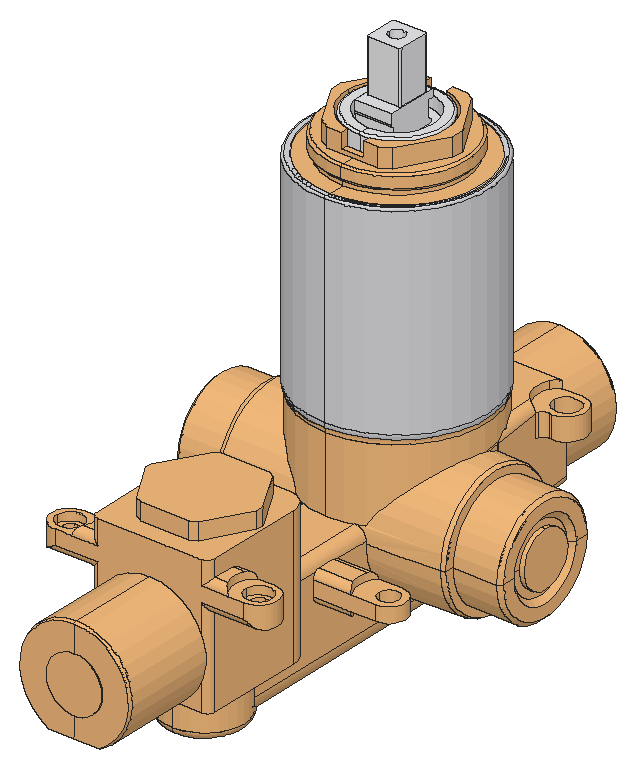
Revit family "Shower-Valve-KOHLER-NATEO-K-880AR", category Plumbing Fixtures, host Face, Revit 2017
Family settings
  Host = Face
  Round Connector Dimension = Use Diameter
  Part Type = Normal
  OmniClass Number = 23.31.17.00
  Cut with Voids When Loaded = No
  Shared = No
  Room Calculation Point = No
Parameters (values of type "CP- Polished Chrome")
  Width = 3 119/256"  # constant formula
  WaterSense Certified = 1 = 0  # no
  Waste Water Outlet = "Waste Water Outlet"  # constant formula
  Waste Connection = 1 = 0  # no
  Vent Connection = 1 = 0  # no
  URL = "https://la.kohler.com/es?country=MX"
  Type = 1
  Tempered watet outlet 1 = "Tempered watet outlet 1"  # constant formula
  Tempered water outlet 2 = "Tempered water outlet 2"  # constant formula
  Product Page URL = ""
  Product Name = "NATEO\r\n"  # constant formula
  Product Documentation Link = ""
  Pressure = 0.00 psi
  Model = if(Type = 1, "K-880AR-CP", "NA")  # "K-880AR-CP"
  Material = "Metal construction"  # constant formula
  Master Format 2014 Name = "Residential Showers"  # constant formula
  Master Format 2014 = "22 42 23"  # constant formula
  Manufacturer Address = "KOHLER Co.\n444 Highland Dr.\nKohler, WI 53044"  # constant formula
  Manufacturer = "KOHLER Co."  # constant formula
  Length = 5 3/8"  # constant formula
  Hot Water Inlet = "Hot Water Inlet"  # constant formula
  Height = 6 127/256"  # constant formula
  HW Connection = 1 = 1  # yes
  Flow Rate = 0 GPM
  Finish = Kohler-Metal-CP-Polished_Chrome
  Environmental Product Declaration = ""
  Drain Included = 1 = 0  # no
  Description = "Recessed Shower Valve System"  # constant formula
  Default Elevation = 48 1/32"
  Declare Label = ""
  Date Modified = "08/06/2020"  # constant formula
  Date Created = "08/06/2020"  # constant formula
  Copyright = "Copyright KOHLER Co."  # constant formula
  Contact Us = "https://la.kohler.com/es/contact-us-page"
  Cold Water Inlet = "Cold Water Inlet"  # constant formula
  CW Connection = 1 = 1  # yes
  Assembly Code = "D2010700"
  ADA Compliant = 1 = 0  # no
Reference planes (in)
  plane 1 "Center (Front/Back)": y = 0
  plane 2: z = 0
  plane 3 "Center (Left/Right)": x = 0
  plane 4: y = 2.20472
  plane 5: x = -1.73242
  plane 6: x = 1.73242
  plane 7: y = -2.55906
  plane 8: y = -4.29137
  plane 9: z = -2.46017
  plane 10: z = 2.87506
  plane 11: z = -1.43655
  plane 12: z = -2.49994
  plane 13: y = -0.19685
Forms (in)
  Extrusion 1, void
    sketch origin (0, 0, 0) x (0, 1, 0) y (0, 0, 1)
      loop
        line (2.20472, -0.49213) -> (-4.29137, -0.49213) -> (-4.29137, -2.5) -> (2.20472, -2.5) -> (2.20472, -0.49213)
    from -1.73228 to 1.73228
  Revolve 2, void
    sketch origin (0, 0, 0) x (1, 0, 0) y (0, 0, 1)
      loop
        line (0, 0.99418) -> (-0.96471, 0.99418) -> (-0.96471, -0.50899) -> (0, -0.50899) -> (0, 0.99418)
      axis (0, 0.99418) -> (0, -0.50899)
    angle from 0 to 360
  Extrusion 3, void
    sketch origin (0, 0, 0) x (1, 0, 0) y (0, 1, 0)
      loop
        line (0.32773, -3.05023) -> (0.58917, -2.5974)
        arc (0.58917, -2.5974) -> (0.59045, -2.55906) -> (0.58917, -2.52071) r 0.57429
        line (0.58917, -2.52071) -> (0.32773, -2.06788)
        arc (0.32773, -2.06788) -> (0.29315, -2.04658) -> (0.25728, -2.02756) r 0.6267
        line (0.25728, -2.02756) -> (-0.25755, -2.02756)
        arc (-0.25755, -2.02756) -> (-0.29343, -2.04658) -> (-0.328, -2.06788) r 0.6267
        line (-0.328, -2.06788) -> (-0.58944, -2.52071)
        arc (-0.58944, -2.52071) -> (-0.59072, -2.55906) -> (-0.58944, -2.5974) r 0.57429
        line (-0.58944, -2.5974) -> (-0.328, -3.05023)
        arc (-0.328, -3.05023) -> (-0.29358, -3.07179) -> (-0.25755, -3.09055) r 0.51277
        line (-0.25755, -3.09055) -> (0.25728, -3.09055)
        arc (0.25728, -3.09055) -> (0.2933, -3.07179) -> (0.32773, -3.05023) r 0.51277
    from -0.49213 to -0.1694
  Extrusion 4, void
    sketch origin (0, 0, 0) x (1, 0, 0) y (0, 1, 0)
      loop
        circle (-0.0012, 0.00049) r 0.97272
    from -0.49314 to 12
Dimensions and locks (in)
  host face to Extrusion 1 sketch curve = 2 1/2"
  "Height": plane 8 to plane 4
  equal spacing: plane 5, plane 3 "Center (Left/Right)", plane 6
  "Width": plane 5 to plane 6
  locked: plane 11 to plane 9 at 1.02362
  locked: level to plane 12 at 2.49994
  "Length": plane 10 to plane 12
  locked: plane 1 "Center (Front/Back)" to plane 7 at 2.55906
  aligned and locked: plane 2 to host face
  aligned and locked: level to host face
  aligned and locked: plane 4 to nested 1
  aligned and locked: plane 5 to nested 1
  aligned and locked: plane 6 to nested 1
  aligned and locked: plane 7 to nested 1
  aligned and locked: plane 8 to nested 1
  aligned and locked: plane 9 to nested 1
  aligned and locked: plane 10 to nested 1
  aligned and locked: plane 11 to nested 1
  aligned and locked: plane 12 to nested 1
Automatic sketch dimensions
  host sketch curve to host sketch curve = 96"  (x2)
  Extrusion 1 sketch curve to plane 8 = 0"
  Extrusion 1 sketch curve to plane 4 = 0"
  Extrusion 1 sketch curve to level = 0.49213"
  Revolve 2 sketch curve to plane 3 "Center (Left/Right)" = 0"  (x2)
  Revolve 2 sketch curve to plane 5 = 0.76771"
  Revolve 2 sketch curve to level = 0.50899"
  level to Revolve 2 sketch curve = 0.99418"
  Revolve 2 sketch curve to Revolve 2 sketch curve = 0.24418"
  Revolve 2 sketch curve to Revolve 2 sketch curve = 2.25582"
  plane 7 to Extrusion 3 sketch curve = 0"  (x2)
  Extrusion 3 sketch curve to plane 7 = 0.03835"  (x2)
  Extrusion 3 sketch curve to plane 3 "Center (Left/Right)" = 0.58944"
  plane 7 to Extrusion 3 sketch curve = 0.03835"  (x2)
  Extrusion 3 sketch curve to plane 3 "Center (Left/Right)" = 0.328"  (x2)
  Extrusion 3 sketch curve to Extrusion 3 sketch curve = 0.07045"  (x4)
  Extrusion 3 sketch curve to plane 3 "Center (Left/Right)" = 0.03888"
  Extrusion 3 sketch curve to plane 3 "Center (Left/Right)" = 0.01814"
  Extrusion 3 sketch curve to plane 3 "Center (Left/Right)" = 0.01643"
  plane 3 "Center (Left/Right)" to Extrusion 3 sketch curve = 0.01616"
  plane 3 "Center (Left/Right)" to Extrusion 3 sketch curve = 0.01786"
  plane 3 "Center (Left/Right)" to Extrusion 3 sketch curve = 0.0386"
  plane 3 "Center (Left/Right)" to Extrusion 3 sketch curve = 0.25728"  (x2)
  Extrusion 3 sketch curve to Extrusion 3 sketch curve = 0.26144"
  plane 7 to Extrusion 3 sketch curve = 0.06769"  (x2)
  plane 7 to Extrusion 3 sketch curve = 0.49118"
  plane 7 to Extrusion 3 sketch curve = 0.03145"  (x2)
  Extrusion 3 sketch curve to plane 7 = 0.49118"
  Extrusion 4 sketch curve to plane 1 "Center (Front/Back)" = 0.00049"
  Extrusion 4 sketch curve to plane 3 "Center (Left/Right)" = 0.0012"
  radius of Extrusion 4 sketch curve = 0.97272"
Nested families (in)
  nested 1: "K-880AR" at (-0.00014, -4.29134, -1.43655) x (1, 0, 0) z (0, 1, 0), type "K-880AR"
Connectors (in)
  piping at (-0.00014, -4.29134, -1.43655), diameter 0.5, driven by "Flow Rate", driven by "HW Connection", driven by "Tempered water outlet 2"
    settings: on nested 1, index 2, connector inside diameter 24", connector length 0", flow factor 0, pipe flow 0 GPM, pressure drop 0.00 psi, fitting loss kfactor 0, connector angle 0.00°, fixture units 0, engagement length 0", angle of deflection 0.00°, flow configuration 0, flow direction 2, fitting loss method 0, system type 19, joint type 0, gender type 0, connector reference index -1, connector utility 1, adjustable connector no, is connector primary yes, connector description "Tempered water outlet 2"
  piping at (-0.00014, 2.20472, -1.43655), diameter 0.5, driven by "Flow Rate", driven by "Tempered watet outlet 1", driven by "HW Connection"
    settings: on nested 1, index 3, connector inside diameter 24", connector length 0", flow factor 0, pipe flow 0 GPM, pressure drop 0.00 psi, fitting loss kfactor 0, connector angle 0.00°, fixture units 0, engagement length 0", angle of deflection 0.00°, flow configuration 0, flow direction 2, fitting loss method 0, system type 19, joint type 0, gender type 0, connector reference index -1, connector utility 1, adjustable connector no, is connector primary no, connector description "Tempered watet outlet 1"
  piping at (-1.73242, -0.18526, -1.43655), diameter 0.5, driven by "Flow Rate", driven by "HW Connection", driven by "Hot Water Inlet"
    settings: on nested 1, index 4, connector inside diameter 24", connector length 0", flow factor 0, pipe flow 0 GPM, pressure drop 0.00 psi, fitting loss kfactor 0, connector angle 0.00°, fixture units 0, engagement length 0", angle of deflection 0.00°, flow configuration 0, flow direction 1, fitting loss method 0, system type 19, joint type 0, gender type 0, connector reference index -1, connector utility 1, adjustable connector no, is connector primary no, connector description "Hot Water Inlet"
  piping at (1.73215, -0.18526, -1.43655), diameter 0.5, driven by "Flow Rate", driven by "CW Connection", driven by "Cold Water Inlet"
    settings: on nested 1, index 5, connector inside diameter 24", connector length 0", flow factor 0, pipe flow 0 GPM, pressure drop 0.00 psi, fitting loss kfactor 0, connector angle 0.00°, fixture units 0, engagement length 0", angle of deflection 0.00°, flow configuration 0, flow direction 1, fitting loss method 0, system type 20, joint type 0, gender type 0, connector reference index -1, connector utility 1, adjustable connector no, is connector primary no, connector description "Cold Water Inlet"
Definition of nested family "K-880AR"
  Parameters (values of type "K-880AR")
    Material = none
    Default Elevation = 48"
  Reference planes (in)
    plane 1 "Center (Front/Back)": y = 0
    plane 2: z = 0
    plane 3 "Center (Left/Right)": x = 0
    plane 4: z = 6.49606
    plane 5: x = 1.73228
    plane 6: x = -1.73228
    plane 7: y = 1.02362
    plane 8 "2": z = 4.29134
    plane 9: z = 1.73228
    plane 10: z = 1.73228
    plane 11: y = -4.31057
    plane 12: z = 0
    plane 13: y = 1.06339
    plane 14: z = 4.09449
  Forms (in)
    Revolve 1, solid, detail levels medium+fine
      sketch origin (0, 0, 0) x (0, 1, 0) y (0, 0, 1)
        loop
          line (0, 6.43701) -> (-0.3588, 6.43701) -> (-0.41785, 6.49606) -> (-0.55549, 6.49606) -> (-0.59055, 6.461) -> (-0.59055, 5.55118) -> (-0.63166, 5.55118) -> (-0.63166, 3.67118) -> (0, 3.67118) -> (0, 6.43701)
        axis (0, 6.49606) -> (0, 3.67118)
      angle from 0 to 360
    Revolve 2, solid, material <- "Material", detail levels medium+fine
      sketch origin (0, 0, 0) x (0, 1, 0) y (0, 0, 1)
        loop
          line (-3.11447, 4.29134) -> (-0.98258, 4.29134) -> (-0.98258, 5.24601)
          arc (-0.98258, 5.24601) -> (-1.00849, 5.25341) -> (-1.03532, 5.25591) r 0.14554
          line (-1.03532, 5.25591) -> (-3.16592, 5.25591)
          arc (-3.16592, 5.25591) -> (-3.1819, 5.24929) -> (-3.18852, 5.23331) r 0.0226
          line (-3.18852, 5.23331) -> (-3.18852, 5.18682) -> (-3.11447, 5.18682) -> (-3.11447, 4.29134)
        axis (-3.18852, 4.29134) -> (-0.98258, 4.29134)
      angle from 0 to 360
    Extrusion 3, solid, detail levels medium+fine
      sketch origin (0, 0, 0) x (1, 0, 0) y (0, 0, 1)
        loop
          arc (0.64674, 4.23043) -> (0.64964, 4.29134) -> (0.64674, 4.35225) r 0.64125
          line (0.64674, 4.35225) -> (0.37612, 4.82098)
          arc (0.37612, 4.82098) -> (0.3248, 4.85392) -> (0.27062, 4.88189) r 0.64924
          line (0.27062, 4.88189) -> (-0.27062, 4.88189)
          arc (-0.27062, 4.88189) -> (-0.3248, 4.85392) -> (-0.37612, 4.82098) r 0.64924
          line (-0.37612, 4.82098) -> (-0.64674, 4.35225)
          arc (-0.64674, 4.35225) -> (-0.64964, 4.29134) -> (-0.64674, 4.23043) r 0.64125
          line (-0.64674, 4.23043) -> (-0.37612, 3.7617)
          arc (-0.37612, 3.7617) -> (-0.32479, 3.72878) -> (-0.27062, 3.70079) r 0.65421
          line (-0.27062, 3.70079) -> (0.27062, 3.70079)
          arc (0.27062, 3.70079) -> (0.32479, 3.72878) -> (0.37612, 3.7617) r 0.65421
          line (0.37612, 3.7617) -> (0.64674, 4.23043)
        loop
          circle (0, 4.29134) r 0.52877
      from 3.37521 to 3.59403
    Extrusion 4, void, detail levels medium+fine
      sketch origin (0, 0, 0) x (1, 0, 0) y (0, 0, 1)
        loop
          line (-0.11811, 4.91623) -> (-0.11811, 4.79455)
          arc (-0.11811, 4.79455) -> (0, 4.80942) -> (0.11811, 4.79455) r 0.47636
          line (0.11811, 4.79455) -> (0.11811, 4.91623) -> (-0.11811, 4.91623)
        loop
          line (-0.11811, 3.66645) -> (0.11811, 3.66645) -> (0.11811, 3.78813)
          arc (0.11811, 3.78813) -> (0, 3.77326) -> (-0.11811, 3.78813) r 0.47636
          line (-0.11811, 3.78813) -> (-0.11811, 3.66645)
      from 3.43655 to 3.85598
    Extrusion 5, solid, detail levels medium+fine
      sketch origin (0, 0, 0) x (0, 1, 0) y (0, 0, 1)
        loop
          line (-3.52753, 4.45669) -> (-3.68065, 4.45669) -> (-3.68065, 4.50007)
          arc (-3.68065, 4.50007) -> (-3.68639, 4.51394) -> (-3.70026, 4.51969) r 0.01962
          line (-3.70026, 4.51969) -> (-3.75939, 4.51969) -> (-3.75939, 3.97244) -> (-3.65112, 3.97244)
          arc (-3.65112, 3.97244) -> (-3.63574, 3.97964) -> (-3.63143, 3.99606) r 0.02001
          line (-3.63143, 3.99606) -> (-3.44192, 3.99606) -> (-3.44192, 4.49507) -> (-3.48339, 4.49507) -> (-3.52753, 4.45669)
      from -0.19685 to 0.19685
    Extrusion 6, solid, detail levels medium+fine
      sketch origin (0, 0, 0) x (1, 0, 0) y (0, 0, 1)
        loop
          arc (0.17717, 4.44882) -> (0.1714, 4.46274) -> (0.15748, 4.4685) r 0.01969
          line (0.15748, 4.4685) -> (-0.15718, 4.4685)
          arc (-0.15718, 4.4685) -> (-0.17131, 4.46265) -> (-0.17717, 4.44852) r 0.01999
          line (-0.17717, 4.44852) -> (-0.17717, 4.13386)
          arc (-0.17717, 4.13386) -> (-0.1714, 4.11994) -> (-0.15748, 4.11417) r 0.01969
          line (-0.15748, 4.11417) -> (0.15748, 4.11417)
          arc (0.15748, 4.11417) -> (0.1714, 4.11994) -> (0.17717, 4.13386) r 0.01969
          line (0.17717, 4.13386) -> (0.17717, 4.44882)
      from 3.75939 to 4.31057
    Revolve 7, solid, detail levels medium+fine
      sketch origin (0, 0, 0) x (1, 0, 0) y (0, 0, 1)
        loop
          line (-1.67323, 4.09449) -> (1.67323, 4.09449) -> (1.67323, 4.45374) -> (1.73228, 4.5128) -> (1.73228, 4.64564) -> (1.69289, 4.68504) -> (1.22047, 4.68504) -> (1.22047, 4.76876)
          arc (1.22047, 4.76876) -> (1.19905, 4.78049) -> (1.17511, 4.78528) r 0.08072
          arc (1.17511, 4.78528) -> (0.00002, 4.81196) -> (-1.17507, 4.78528) r 25.88884
          arc (-1.17507, 4.78528) -> (-1.19901, 4.78054) -> (-1.22047, 4.76894) r 0.08163
          line (-1.22047, 4.76894) -> (-1.22047, 4.68505) -> (-1.69288, 4.68505) -> (-1.73228, 4.64564) -> (-1.73228, 4.5128) -> (-1.67323, 4.45374) -> (-1.67323, 4.09449)
        axis (1.73228, 4.09449) -> (-1.73228, 4.09449)
      angle from 0 to 360
    Extrusion 8, solid, detail levels medium+fine
      sketch origin (0, 0, 0) x (1, 0, 0) y (0, 1, 0)
        loop
          arc (-0.19685, 1.02362) -> (-0.33604, 0.96597) -> (-0.3937, 0.82677) r 0.19685
          line (-0.3937, 0.82677) -> (-0.3937, -0.01923)
          arc (-0.3937, -0.01923) -> (-0.35911, -0.10275) -> (-0.27559, -0.13734) r 0.11811
          line (-0.27559, -0.13734) -> (0.27559, -0.13734)
          arc (0.27559, -0.13734) -> (0.35911, -0.10275) -> (0.3937, -0.01923) r 0.11811
          line (0.3937, -0.01923) -> (0.3937, 0.82677)
          arc (0.3937, 0.82677) -> (0.33604, 0.96597) -> (0.19685, 1.02362) r 0.19685
          line (0.19685, 1.02362) -> (-0.19685, 1.02362)
      from 1.77559 to 5.55118
    Extrusion 9, void
      sketch origin (0, 0, 0) x (0, 1, 0) y (0, 0, 1)
        loop
          arc (0.62992, 5.55118) -> (0.90831, 5.43587) -> (1.02362, 5.15748) r 0.3937
          line (1.02362, 5.15748) -> (1.02362, 5.55118) -> (0.62992, 5.55118)
      from -2.00851 to 3.20253
    SweptBlend 10, solid, detail levels medium+fine
      path origin (0, 0, 0) x (1, 0, 0) y (0, 0, 1)
        loop
          line (0, 5.49213) -> (0, 4.31102)
      profile origin (0, 0, 5.49213) x (0, -1, 0) y (1, 0, 0)
        loop
          arc (0.68852, -0.83632) -> (0.7442, -0.81326) -> (0.76726, -0.75758) r 0.07874
          line (0.76726, -0.75758) -> (0.76726, 0.75758)
          arc (0.76726, 0.75758) -> (0.7442, 0.81326) -> (0.68852, 0.83632) r 0.07874
          line (0.68852, 0.83632) -> (-0.13854, 0.83632)
          arc (-0.13854, 0.83632) -> (-0.19401, 0.81334) -> (-0.21699, 0.75787) r 0.07845
          line (-0.21699, 0.75787) -> (-0.21699, 0.64422)
          arc (-0.21699, 0.64422) -> (-0.23124, 0.59283) -> (-0.26992, 0.55612) r 0.09977
          line (-0.26992, 0.55612) -> (-0.26992, -0.55612)
          arc (-0.26992, -0.55612) -> (-0.23124, -0.59283) -> (-0.21699, -0.64422) r 0.09977
          line (-0.21699, -0.64422) -> (-0.21699, -0.75787)
          arc (-0.21699, -0.75787) -> (-0.19401, -0.81334) -> (-0.13854, -0.83632) r 0.07845
          line (-0.13854, -0.83632) -> (0.68852, -0.83632)
      end profile origin (0, 0, 4.31102) x (0, -1, 0) y (1, 0, 0)
        loop
          arc (0.64915, -0.94488) -> (0.73267, -0.91029) -> (0.76726, -0.82677) r 0.11811
          line (0.76726, -0.82677) -> (0.76726, 0.82677)
          arc (0.76726, 0.82677) -> (0.73267, 0.91029) -> (0.64915, 0.94488) r 0.11811
          line (0.64915, 0.94488) -> (-0.13825, 0.94488)
          arc (-0.13825, 0.94488) -> (-0.19393, 0.92182) -> (-0.21699, 0.86614) r 0.07874
          line (-0.21699, 0.86614) -> (-0.21699, 0.64422)
          arc (-0.21699, 0.64422) -> (-0.23118, 0.59305) -> (-0.2697, 0.5565) r 0.09934
          line (-0.2697, 0.5565) -> (-0.2697, 0) -> (-0.2697, -0.5565)
          arc (-0.2697, -0.5565) -> (-0.23118, -0.59305) -> (-0.21699, -0.64422) r 0.09934
          line (-0.21699, -0.64422) -> (-0.21699, -0.86614)
          arc (-0.21699, -0.86614) -> (-0.19393, -0.92182) -> (-0.13825, -0.94488) r 0.07874
          line (-0.13825, -0.94488) -> (0.64915, -0.94488)
    Extrusion 11, solid, detail levels medium+fine
      sketch origin (0, 0, 0) x (1, 0, 0) y (0, 0, 1)
        loop
          line (-0.68969, 5.49213) -> (-1.00394, 5.49213)
          arc (-1.00394, 5.49213) -> (-1.20079, 5.29528) -> (-1.00394, 5.09843) r 0.19685
          line (-1.00394, 5.09843) -> (-0.96554, 5.09843)
          arc (-0.96554, 5.09843) -> (-0.92359, 5.08637) -> (-0.89445, 5.05388) r 0.079
          arc (-0.89445, 5.05388) -> (-0.87191, 5.02875) -> (-0.83947, 5.01943) r 0.06109
          line (-0.83947, 5.01943) -> (-0.68969, 5.01943) -> (-0.68969, 5.49213)
        loop
          line (0.68969, 5.49213) -> (0.68969, 5.01943) -> (0.83994, 5.01943)
          arc (0.83994, 5.01943) -> (0.87143, 5.02573) -> (0.89263, 5.04984) r 0.05013
          arc (0.89263, 5.04984) -> (0.92173, 5.08517) -> (0.96554, 5.09843) r 0.079
          line (0.96554, 5.09843) -> (1.00394, 5.09843)
          arc (1.00394, 5.09843) -> (1.20079, 5.29528) -> (1.00394, 5.49213) r 0.19685
          line (1.00394, 5.49213) -> (0.68969, 5.49213)
        loop
          circle (-1.00394, 5.29528) r 0.08225
        loop
          circle (1.00394, 5.29528) r 0.08225
      from 0.4523 to 0.68852
    Extrusion 12, void, detail levels medium+fine
      sketch origin (0, 0, 0) x (1, 0, 0) y (0, 0, 1)
        loop
          arc (-0.71601, 5.41339) -> (-0.77351, 5.48258) -> (-0.86011, 5.50696) r 0.15146
          line (-0.86011, 5.50696) -> (-0.91287, 5.05121)
          arc (-0.91287, 5.05121) -> (-0.86223, 5.03378) -> (-0.81159, 5.05121) r 0.08228
          arc (-0.81159, 5.05121) -> (-0.7028, 5.2162) -> (-0.71601, 5.41339) r 0.30956
      from 0.68852 to 0.82632
    Extrusion 13, void, detail levels medium+fine
      sketch origin (0, 0, 0) x (-1, 0, 0) y (0, 0, -1)
        loop
          arc (-0.71601, -5.41339) -> (-0.7028, -5.2162) -> (-0.81159, -5.05121) r 0.30956
          arc (-0.81159, -5.05121) -> (-0.85275, -5.03433) -> (-0.89669, -5.04135) r 0.08228
          line (-0.89669, -5.04135) -> (-0.84285, -5.50645)
          arc (-0.84285, -5.50645) -> (-0.7664, -5.47767) -> (-0.71601, -5.41339) r 0.15146
      from 0.68852 to 0.82632
    Extrusion 14, void, detail levels medium+fine
      sketch origin (0, 0, 0) x (-1, 0, 0) y (0, 0, -1)
        loop
          circle (1.00362, -5.29501) r 0.14173
      from 0.5315 to 1.83025
    Extrusion 15, void, detail levels medium+fine
      sketch origin (0, 0, 0) x (1, 0, 0) y (0, 0, 1)
        loop
          circle (1.00362, 5.29501) r 0.14173
      from 0.5315 to 1.83025
    Extrusion 16, solid, detail levels medium+fine
      sketch origin (0, 0, 0) x (1, 0, 0) y (0, 0, 1)
        loop
          line (0.39349, 2.36221) -> (-0.39393, 2.36221)
          arc (-0.39393, 2.36221) -> (-0.5608, 2.29309) -> (-0.62992, 2.12621) r 0.23599
          line (-0.62992, 2.12621) -> (-0.62992, 1.08193)
          arc (-0.62992, 1.08193) -> (-0.60708, 1.02678) -> (-0.55193, 1.00394) r 0.07799
          line (-0.55193, 1.00394) -> (0.55193, 1.00394)
          arc (0.55193, 1.00394) -> (0.60708, 1.02678) -> (0.62992, 1.08193) r 0.07799
          line (0.62992, 1.08193) -> (0.62992, 2.12578)
          arc (0.62992, 2.12578) -> (0.56067, 2.29296) -> (0.39349, 2.36221) r 0.23643
      from -0.51227 to 0.94443
    Revolve 17, solid, detail levels medium+fine
      sketch origin (0, 0, 0) x (0, 1, 0) y (0, 0, 1)
        loop
          line (0.59101, 1.30906) -> (0.98471, 1.30906)
          arc (0.98471, 1.30906) -> (1.04039, 1.33212) -> (1.06345, 1.3878) r 0.07874
          line (1.06345, 1.3878) -> (1.06345, 1.73228) -> (0.51227, 1.73228) -> (0.51227, 1.23032)
          arc (0.51227, 1.23032) -> (0.53533, 1.286) -> (0.59101, 1.30906) r 0.07874
        axis (1.06345, 1.73228) -> (0.51227, 1.73228)
      angle from 0 to 360
    Extrusion 18, solid, detail levels medium+fine
      sketch origin (0, 0, 0) x (1, 0, 0) y (0, 0, 1)
        loop
          arc (0.32786, 2.22346) -> (0.29329, 2.24476) -> (0.25742, 2.26378) r 0.6267
          line (0.25742, 2.26378) -> (-0.25742, 2.26378)
          arc (-0.25742, 2.26378) -> (-0.29329, 2.24476) -> (-0.32786, 2.22346) r 0.6267
          line (-0.32786, 2.22346) -> (-0.5893, 1.77063)
          arc (-0.5893, 1.77063) -> (-0.59059, 1.73228) -> (-0.5893, 1.69393) r 0.57429
          line (-0.5893, 1.69393) -> (-0.32786, 1.24111)
          arc (-0.32786, 1.24111) -> (-0.29344, 1.21955) -> (-0.25742, 1.20079) r 0.51277
          line (-0.25742, 1.20079) -> (0.25742, 1.20079)
          arc (0.25742, 1.20079) -> (0.29344, 1.21955) -> (0.32786, 1.24111) r 0.51277
          line (0.32786, 1.24111) -> (0.5893, 1.69393)
          arc (0.5893, 1.69393) -> (0.59059, 1.73228) -> (0.5893, 1.77063) r 0.57429
          line (0.5893, 1.77063) -> (0.32786, 2.22346)
      from 0.94443 to 1.12159
    Revolve 19, solid, detail levels medium+fine
      sketch origin (0, 0.00735, 0) x (0, 1, 0) y (0, 0, 1)
        loop
          line (-0.00735, 1.09495) -> (-0.59744, 1.09495) -> (-0.59744, 0.03937)
          arc (-0.59744, 0.03937) -> (-0.59475, 0.01899) -> (-0.58689, 0) r 0.07874
          line (-0.58689, 0) -> (-0.00735, 0) -> (-0.00735, 1.09495)
        axis (-0.00735, 0) -> (-0.00735, 1.09495)
      angle from 0 to 360
    Extrusion 20, solid, detail levels medium+fine
      sketch origin (0, 0, 0) x (0, 1, 0) y (0, 0, 1)
        loop
          arc (0.04115, 3.0315) -> (-0.01546, 3.00805) -> (-0.03891, 2.95143) r 0.08006
          line (-0.03891, 2.95143) -> (-0.03891, 2.75591)
          arc (-0.03891, 2.75591) -> (-0.01585, 2.70023) -> (0.03983, 2.67717) r 0.07875
          line (0.03983, 2.67717) -> (0.19922, 2.67717)
          arc (0.19922, 2.67717) -> (0.25355, 2.69967) -> (0.27605, 2.75399) r 0.07682
          line (0.27605, 2.75399) -> (0.27605, 2.95419)
          arc (0.27605, 2.95419) -> (0.2534, 3.00885) -> (0.19874, 3.0315) r 0.07731
          line (0.19874, 3.0315) -> (0.04115, 3.0315)
      from 0.19685 to 0.87661
    Extrusion 21, void, detail levels medium+fine
      sketch origin (0, 0, 0) x (1, 0, 0) y (0, 0, 1)
        loop
          line (-0.80258, 3.0315) -> (-0.91954, 3.0315) -> (-0.91954, 2.67717) -> (-0.80258, 2.67717)
          arc (-0.80258, 2.67717) -> (-0.74738, 2.85433) -> (-0.80258, 3.0315) r 0.3119
      from -0.03983 to 0.289
    Extrusion 22, void, detail levels medium+fine
      sketch origin (0, 0.23989, 0) x (1, 0, 0) y (0, 0, -1)
        loop
          arc (-0.80258, -3.0315) -> (-0.74738, -2.85433) -> (-0.80258, -2.67717) r 0.3119
          line (-0.80258, -2.67717) -> (-0.91954, -2.67717) -> (-0.91954, -3.0315) -> (-0.80258, -3.0315)
      from -0.03983 to 0.289
    Extrusion 23, void, detail levels medium+fine
      sketch origin (0, 0, 0) x (-1, 0, 0) y (0, 0, -1)
        loop
          arc (-0.80258, -3.0315) -> (-0.74738, -2.85433) -> (-0.80258, -2.67717) r 0.3119
          line (-0.80258, -2.67717) -> (-0.91954, -2.67717) -> (-0.91954, -3.0315) -> (-0.80258, -3.0315)
      from -0.03983 to 0.289
    Extrusion 24, void, detail levels medium+fine
      sketch origin (0, 0.23989, 0) x (-1, 0, 0) y (0, 0, 1)
        loop
          line (-0.80258, 3.0315) -> (-0.91954, 3.0315) -> (-0.91954, 2.67717) -> (-0.80258, 2.67717)
          arc (-0.80258, 2.67717) -> (-0.74738, 2.85433) -> (-0.80258, 3.0315) r 0.3119
      from -0.03983 to 0.289
    Extrusion 25, solid, detail levels medium+fine
      sketch origin (0, 0, 0) x (0, 1, 0) y (0, 0, -1)
        loop
          line (0.04115, -3.0315) -> (0.19874, -3.0315)
          arc (0.19874, -3.0315) -> (0.2534, -3.00885) -> (0.27605, -2.95419) r 0.07731
          line (0.27605, -2.95419) -> (0.27605, -2.75399)
          arc (0.27605, -2.75399) -> (0.25355, -2.69967) -> (0.19922, -2.67717) r 0.07682
          line (0.19922, -2.67717) -> (0.03983, -2.67717)
          arc (0.03983, -2.67717) -> (-0.01585, -2.70023) -> (-0.03891, -2.75591) r 0.07875
          line (-0.03891, -2.75591) -> (-0.03891, -2.95143)
          arc (-0.03891, -2.95143) -> (-0.01546, -3.00805) -> (0.04115, -3.0315) r 0.08006
      from 0.19685 to 0.87661
    Extrusion 26, solid, detail levels medium+fine
      sketch origin (0, 0, 0) x (1, 0, 0) y (0, 0, 1)
        loop
          line (0.87661, 3.0315) -> (0.87661, 2.67717) -> (1.06299, 2.67717)
          arc (1.06299, 2.67717) -> (1.24016, 2.85433) -> (1.06299, 3.0315) r 0.17717
          line (1.06299, 3.0315) -> (0.87661, 3.0315)
        loop
          circle (1.06299, 2.85433) r 0.1066
      from -0.19731 to -0.03983
    Extrusion 27, solid, detail levels medium+fine
      sketch origin (0, 0, 0) x (-1, 0, 0) y (0, 0, -1)
        loop
          line (0.87661, -3.0315) -> (1.06299, -3.0315)
          arc (1.06299, -3.0315) -> (1.24016, -2.85433) -> (1.06299, -2.67717) r 0.17717
          line (1.06299, -2.67717) -> (0.87661, -2.67717) -> (0.87661, -3.0315)
        loop
          circle (1.06299, -2.85433) r 0.10825
      from -0.19731 to -0.03983
    Extrusion 28, solid, detail levels medium+fine
      sketch origin (0, 0, 0) x (0, 1, 0) y (0, 0, 1)
        loop
          arc (-0.68801, 1.39764) -> (-0.74477, 1.37413) -> (-0.76828, 1.31737) r 0.08027
          line (-0.76828, 1.31737) -> (-0.76828, 1.0825)
          arc (-0.76828, 1.0825) -> (-0.74527, 1.02695) -> (-0.68972, 1.00394) r 0.07856
          line (-0.68972, 1.00394) -> (-0.53104, 1.00394)
          arc (-0.53104, 1.00394) -> (-0.47536, 1.027) -> (-0.4523, 1.08268) r 0.07874
          line (-0.4523, 1.08268) -> (-0.4523, 1.31802)
          arc (-0.4523, 1.31802) -> (-0.47562, 1.37432) -> (-0.53192, 1.39764) r 0.07962
          line (-0.53192, 1.39764) -> (-0.68801, 1.39764)
      from 0.1377 to 1.22434
    Extrusion 29, void, detail levels medium+fine
      sketch origin (0, 0, 0) x (1, 0, 0) y (0, 0, 1)
        loop
          arc (0.82541, 1.39764) -> (0.74272, 1.20079) -> (0.82541, 1.00394) r 0.27565
          line (0.82541, 1.00394) -> (1.28403, 1.00394) -> (1.28403, 1.39764) -> (0.82541, 1.39764)
      from 0.68852 to 1.83025
    Extrusion 30, void
      sketch origin (0, 0, 0) x (1, 0, 0) y (0, 0, 1)
        loop
          arc (1.00394, 1.39764) -> (1.20079, 1.20079) -> (1.00394, 1.00394) r 0.19685
          line (1.00394, 1.00394) -> (1.29402, 1.00394) -> (1.29402, 1.39764) -> (1.00394, 1.39764)
      from 0 to 1.67277
    Extrusion 31, void
      sketch origin (0, 0, 0) x (1, 0, 0) y (0, 0, 1)
        loop
          circle (1.00272, 1.20016) r 0.14173
      from 0.60651 to 3.18852
    Extrusion 32, void
      sketch origin (0, 0, 0) x (1, 0, 0) y (0, 0, 1)
        loop
          circle (1.00387, 1.20072) r 0.08268
      from -1.60727 to 1.02111
    Extrusion 33, solid, detail levels medium+fine
      sketch origin (0, 0, 0) x (0, 1, 0) y (0, 0, -1)
        loop
          line (-0.68801, -1.39764) -> (-0.53192, -1.39764)
          arc (-0.53192, -1.39764) -> (-0.47562, -1.37432) -> (-0.4523, -1.31802) r 0.07962
          line (-0.4523, -1.31802) -> (-0.4523, -1.08268)
          arc (-0.4523, -1.08268) -> (-0.47536, -1.027) -> (-0.53104, -1.00394) r 0.07874
          line (-0.53104, -1.00394) -> (-0.68972, -1.00394)
          arc (-0.68972, -1.00394) -> (-0.74527, -1.02695) -> (-0.76828, -1.0825) r 0.07856
          line (-0.76828, -1.0825) -> (-0.76828, -1.31737)
          arc (-0.76828, -1.31737) -> (-0.74477, -1.37413) -> (-0.68801, -1.39764) r 0.08027
      from 0.1377 to 1.22434
    Extrusion 34, void, detail levels medium+fine
      sketch origin (0, 0, 0) x (-1, 0, 0) y (0, 0, -1)
        loop
          line (0.82541, -1.39764) -> (1.28403, -1.39764) -> (1.28403, -1.00394) -> (0.82541, -1.00394)
          arc (0.82541, -1.00394) -> (0.74272, -1.20079) -> (0.82541, -1.39764) r 0.27565
      from 0.68852 to 1.83025
    Extrusion 35, void
      sketch origin (0, 0, 0) x (-1, 0, 0) y (0, 0, -1)
        loop
          line (1.00394, -1.39764) -> (1.29402, -1.39764) -> (1.29402, -1.00394) -> (1.00394, -1.00394)
          arc (1.00394, -1.00394) -> (1.20079, -1.20079) -> (1.00394, -1.39764) r 0.19685
      from 0 to 1.67277
    Extrusion 36, void
      sketch origin (0, 0, 0) x (-1, 0, 0) y (0, 0, -1)
        loop
          circle (1.00272, -1.20016) r 0.14173
      from 0.60651 to 3.18852
    Extrusion 37, void
      sketch origin (0, 0, 0) x (-1, 0, 0) y (0, 0, -1)
        loop
          circle (1.00387, -1.20072) r 0.08268
      from -1.60727 to 1.02111
    Extrusion 38, void
      sketch origin (0, 0, 0) x (1, 0, 0) y (0, 0, 1)
        loop
          circle (-0.00106, 4.29183) r 0.08268
      from 2.40877 to 5.36699
    Extrusion 39, void
      sketch origin (0, 0, 0) x (1, 0, 0) y (0, 1, 0)
        loop
          line (0.32579, 0.51227) -> (0.32579, 0.61637) -> (-0.34239, 0.61637) -> (-0.34239, 0.51227) -> (0.32579, 0.51227)
      from 0 to 1.12205
    Revolve 40, solid, material <- "Material", detail levels coarse
      sketch origin (0, 0, 0) x (0, 1, 0) y (0, 0, 1)
        loop
          line (-3.75939, 4.29134) -> (0.12373, 4.29134) -> (0.12373, 5.25591) -> (-3.75939, 5.25591) -> (-3.75939, 4.29134)
        axis (-3.75939, 4.29134) -> (0.12373, 4.29134)
      angle from 0 to 360
    Extrusion 41, solid, detail levels coarse
      sketch origin (0, 0, 0) x (0, 1, 0) y (0, 0, 1)
        loop
          line (-3.75939, 4.4685) -> (-4.31057, 4.4685) -> (-4.31057, 4.11417) -> (-3.75939, 4.11417) -> (-3.75939, 4.4685)
      from -0.17717 to 0.17717
    Revolve 42, solid, detail levels coarse
      sketch origin (0, 0, 0) x (0, 1, 0) y (0, 0, 1)
        loop
          line (0, 6.49606) -> (0, 4.97249) -> (0.59055, 4.97249) -> (0.59055, 6.49606) -> (0, 6.49606)
        axis (0, 6.49606) -> (0, 4.97249)
      angle from 0 to 360
    Revolve 43, solid, detail levels coarse
      sketch origin (0, 0, 0) x (1, 0, 0) y (0, 0, 1)
        loop
          line (-1.73228, 4.09449) -> (1.73228, 4.09449) -> (1.73228, 4.78528) -> (-1.73228, 4.78528) -> (-1.73228, 4.09449)
        axis (-1.73228, 4.09449) -> (1.73228, 4.09449)
      angle from 0 to 360
    Extrusion 44, solid, detail levels coarse
      sketch origin (0, 0, 0) x (1, 0, 0) y (0, 1, 0)
        loop
          line (-1.20079, -0.68852) -> (1.22047, -0.68852) -> (1.22047, 0.27761) -> (-1.20079, 0.27761) -> (-1.20079, -0.68852)
      from 4.11417 to 5.49213
    Extrusion 45, solid, detail levels coarse
      sketch origin (0, 0, 0) x (0, 1, 0) y (0, 0, 1)
        loop
          line (-0.13734, 1.73228) -> (1.02362, 1.73228) -> (1.02362, 5.55118) -> (-0.13734, 5.55118) -> (-0.13734, 1.73228)
      from -0.3937 to 0.3937
    Extrusion 46, solid, detail levels coarse
      sketch origin (0, 0, 0) x (1, 0, 0) y (0, 0, 1)
        loop
          line (-0.62992, 1.00394) -> (0.62992, 1.00394) -> (0.62992, 2.36421) -> (-0.62992, 2.36421) -> (-0.62992, 1.00394)
      from -0.51227 to 0.94443
    Extrusion 47, solid, detail levels coarse
      sketch origin (0, 0, 0) x (1, 0, 0) y (0, 0, 1)
        loop
          line (-0.30459, 2.26378) -> (-0.61145, 1.73228) -> (-0.30459, 1.20079) -> (0.30459, 1.20079) -> (0.61145, 1.73228) -> (0.30459, 2.26378) -> (-0.30459, 2.26378)
      from 0.94443 to 1.12159
    Revolve 48, solid, detail levels coarse
      sketch origin (0, 0, 0) x (0, 1, 0) y (0, 0, 1)
        loop
          line (1.06339, 1.73228) -> (0.23753, 1.73228) -> (0.23753, 1.3058) -> (1.06339, 1.3058) -> (1.06339, 1.73228)
        axis (1.06339, 1.73228) -> (0.23753, 1.73228)
      angle from 0 to 360
    Revolve 49, solid, detail levels coarse
      sketch origin (0, 0, 0) x (0, 1, 0) y (0, 0, 1)
        loop
          line (0, 0) -> (0, 1.00394) -> (-0.59009, 1.00394) -> (-0.59009, 0) -> (0, 0)
        axis (0, 0) -> (0, 1.00394)
      angle from 0 to 360
    Extrusion 50, solid, detail levels coarse
      sketch origin (0, 0, 0) x (0, 1, 0) y (0, 0, 1)
        loop
          line (-0.4523, 1.39764) -> (-0.76828, 1.39764) -> (-0.76828, 1.00394) -> (-0.4523, 1.00394) -> (-0.4523, 1.39764)
        loop
          line (-0.03891, 3.0315) -> (-0.03891, 2.67717) -> (0.27605, 2.67717) -> (0.27605, 3.0315) -> (-0.03891, 3.0315)
      from -1.24898 to 1.24518
    Extrusion 51, solid
      sketch origin (0, 0, 0) x (1, 0, 0) y (0, 1, 0)
        loop
          circle (0, 0) r 0.29654
      from 0 to 0.35207
    Extrusion 52, solid
      sketch origin (0, 0, 0) x (1, 0, 0) y (0, 1, 0)
        loop
          circle (0, 0) r 0.34157
      from 5.91752 to 6.49606
    Extrusion 53, solid
      sketch origin (0, 0, 0) x (0, 1, 0) y (0, 0, 1)
        loop
          circle (0, 4.10608) r 0.28611
      from -1.73228 to 1.73228
    Revolve 54, solid, detail levels medium+fine
      sketch origin (0, 0, 0) x (0, 1, 0) y (0, 0, 1)
        loop
          line (-3.18852, 5.00984) -> (-3.22986, 5.00984) -> (-3.25943, 5.03941) -> (-3.37521, 5.03941) -> (-3.39718, 5.01744) -> (-3.39718, 4.29134) -> (-3.04403, 4.29134) -> (-3.04403, 5.20621) -> (-3.18852, 5.20621) -> (-3.18852, 5.00984)
        axis (-3.39718, 4.29134) -> (-3.04403, 4.29134)
      angle from 0 to 360
    Revolve 55, solid, detail levels medium+fine
      sketch origin (0, 0, 0) x (0, 1, 0) y (0, 0, 1)
        loop
          line (-0.01723, 4.29134) -> (-0.01723, 5.23623) -> (-0.93353, 5.23623)
          arc (-0.93353, 5.23623) -> (-0.95854, 5.2387) -> (-0.98258, 5.24601) r 0.12779
          line (-0.98258, 5.24601) -> (-0.98258, 4.29134) -> (-0.01723, 4.29134)
        axis (-0.98258, 4.29134) -> (-0.01723, 4.29134)
      angle from 0 to 360
    Revolve 56, solid, detail levels medium+fine
      sketch origin (0, 0, 0) x (0, 1, 0) y (0, 0, 1)
        loop
          arc (-3.57043, 4.79261) -> (-3.58712, 4.78569) -> (-3.59403, 4.76901) r 0.0236
          line (-3.59403, 4.76901) -> (-3.59403, 4.67946) -> (-3.45827, 4.67946) -> (-3.45827, 4.29134) -> (-3.39718, 4.29134) -> (-3.39718, 4.79261) -> (-3.57043, 4.79261)
        axis (-3.59403, 4.29134) -> (-3.39718, 4.29134)
      angle from 0 to 360
  Cuts and joins
    Extrusion 38 cuts Revolve 7
    Extrusion 9, Extrusion 38, Extrusion 39 cuts Extrusion 8
    Extrusion 12, Extrusion 13, Extrusion 14, Extrusion 15, Extrusion 38, Extrusion 39 cuts SweptBlend 10
    Extrusion 14, Extrusion 15, Extrusion 38, Extrusion 39 cuts Extrusion 11
    Extrusion 21, Extrusion 22, Extrusion 23, Extrusion 24, Extrusion 38, Extrusion 39 cuts Extrusion 20
    Extrusion 21, Extrusion 22, Extrusion 38, Extrusion 39 cuts Extrusion 25
    Extrusion 38, Extrusion 39 cuts Extrusion 26
    Extrusion 38, Extrusion 39 cuts Extrusion 27
    joined: Revolve 7, Extrusion 8, SweptBlend 10, Extrusion 11, Extrusion 20, Extrusion 25, Extrusion 26, Extrusion 27
    Extrusion 39 cuts Extrusion 16
    Extrusion 39 cuts Revolve 17
    Extrusion 39 cuts Extrusion 18
    Extrusion 39 cuts Revolve 19
    Extrusion 29, Extrusion 30, Extrusion 31, Extrusion 32, Extrusion 34, Extrusion 35, Extrusion 36, Extrusion 37, Extrusion 39 cuts Extrusion 28
    Extrusion 34, Extrusion 35, Extrusion 36, Extrusion 37, Extrusion 39 cuts Extrusion 33
    joined: Extrusion 16, Revolve 17, Extrusion 18, Revolve 19, Extrusion 28, Extrusion 33
    Extrusion 30, Extrusion 35 cuts Extrusion 50
    joined: Extrusion 44, Extrusion 45, Extrusion 46, Extrusion 47, Revolve 48, Revolve 49, Extrusion 50
    Extrusion 4, Extrusion 38 cuts Extrusion 3
    joined: Extrusion 3, Revolve 54
    Extrusion 38 cuts Extrusion 5
    Extrusion 38 cuts Extrusion 6
    joined: Extrusion 5, Extrusion 6
    Extrusion 4, Extrusion 38 cuts Revolve 2
    Extrusion 38 cuts Revolve 1
  Lines and regions (in)
    Masking region 1, detail levels medium+fine
      outline origin (0, 0, 0) x (1, 0, 0) y (0, 1, 0)
        loop
          line (0.00005, 1.06345) -> (-0.34438, 1.06345)
          arc (-0.34438, 1.06345) -> (-0.40013, 1.04035) -> (-0.42323, 0.9846) r 0.07885
          line (-0.42323, 0.9846) -> (-0.42323, 0.71358)
          arc (-0.42323, 0.71358) -> (-0.79939, 0.70486) -> (-1.1754, 0.69077) r 26.36747
          arc (-1.1754, 0.69077) -> (-1.19903, 0.68618) -> (-1.22047, 0.67491) r 0.08298
          line (-1.22047, 0.67491) -> (-1.22047, 0.59056) -> (-1.69288, 0.59056) -> (-1.73228, 0.55116) -> (-1.73228, 0) -> (-1.73228, -0.55116) -> (-1.69288, -0.59056) -> (-1.22047, -0.59056) -> (-1.22047, -0.67538)
          arc (-1.22047, -0.67538) -> (-1.19889, -0.68684) -> (-1.1749, -0.69151) r 0.08298
          arc (-1.1749, -0.69151) -> (-1.08672, -0.6953) -> (-0.99852, -0.69879) r 26.36747
          arc (-0.99852, -0.69879) -> (-0.96048, -0.71583) -> (-0.94489, -0.75449) r 0.05574
          line (-0.94489, -0.75449) -> (-0.94489, -0.93403)
          arc (-0.94489, -0.93403) -> (-0.94706, -0.95726) -> (-0.95351, -0.97969) r 0.12531
          arc (-0.95351, -0.97969) -> (-0.96178, -1.00849) -> (-0.96457, -1.03832) r 0.1609
          line (-0.96457, -1.03832) -> (-0.96457, -3.16861)
          arc (-0.96457, -3.16861) -> (-0.95874, -3.18269) -> (-0.94466, -3.18852) r 0.01991
          line (-0.94466, -3.18852) -> (-0.7185, -3.18852) -> (-0.7185, -3.22986) -> (-0.74807, -3.25943) -> (-0.74807, -3.37521) -> (-0.7261, -3.39718) -> (-0.64961, -3.39718) -> (-0.64961, -3.55466) -> (-0.58142, -3.59403) -> (-0.19685, -3.59403) -> (-0.19685, -3.75939) -> (-0.17717, -3.7875) -> (-0.17717, -4.28626) -> (-0.15748, -4.31057) -> (0.00005, -4.31057) -> (0.15748, -4.31057) -> (0.17717, -4.28626) -> (0.17717, -3.7875) -> (0.19685, -3.75939) -> (0.19685, -3.59403) -> (0.58142, -3.59403) -> (0.64961, -3.55466) -> (0.64961, -3.39718) -> (0.7261, -3.39718) -> (0.74807, -3.37521) -> (0.74807, -3.25943) -> (0.7185, -3.22986) -> (0.7185, -3.18852) -> (0.94466, -3.18852)
          arc (0.94466, -3.18852) -> (0.95874, -3.18269) -> (0.96457, -3.16861) r 0.01991
          line (0.96457, -3.16861) -> (0.96457, -1.03832)
          arc (0.96457, -1.03832) -> (0.96178, -1.00849) -> (0.95351, -0.97969) r 0.1609
          arc (0.95351, -0.97969) -> (0.94706, -0.95726) -> (0.94489, -0.93403) r 0.12531
          line (0.94489, -0.93403) -> (0.94489, -0.75482)
          arc (0.94489, -0.75482) -> (0.96057, -0.71592) -> (0.99885, -0.69878) r 0.05609
          arc (0.99885, -0.69878) -> (1.08688, -0.69529) -> (1.1749, -0.69151) r 26.36747
          arc (1.1749, -0.69151) -> (1.19889, -0.68684) -> (1.22047, -0.67538) r 0.08298
          line (1.22047, -0.67538) -> (1.22047, -0.59056) -> (1.69288, -0.59056) -> (1.73228, -0.55116) -> (1.73228, 0) -> (1.73228, 0.55116) -> (1.69288, 0.59056) -> (1.22047, 0.59056) -> (1.22047, 0.67491)
          arc (1.22047, 0.67491) -> (1.19903, 0.68618) -> (1.17525, 0.69078) r 0.08298
          arc (1.17525, 0.69078) -> (0.79939, 0.70486) -> (0.42323, 0.71358) r 26.36747
          line (0.42323, 0.71358) -> (0.42323, 0.9846)
          arc (0.42323, 0.9846) -> (0.40013, 1.04035) -> (0.34438, 1.06345) r 0.07885
          line (0.34438, 1.06345) -> (0.00005, 1.06345)
    Masking region 2
      outline origin (0, 0, 0) x (0, 1, 0) y (0, 0, 1)
        loop
          line (-4.31057, 4.4685) -> (-4.31057, 4.11417) -> (-3.75939, 4.11417) -> (-3.75939, 3.97244) -> (-3.65112, 3.97244)
          arc (-3.65112, 3.97244) -> (-3.63574, 3.97964) -> (-3.63143, 3.99606) r 0.02001
          line (-3.63143, 3.99606) -> (-3.59403, 3.99606) -> (-3.59403, 3.70079) -> (-3.39718, 3.70079) -> (-3.39718, 3.56524) -> (-3.37521, 3.54327) -> (-3.25943, 3.54327) -> (-3.22986, 3.57284) -> (-3.18852, 3.57284) -> (-3.18852, 3.35003)
          arc (-3.18852, 3.35003) -> (-3.18171, 3.33358) -> (-3.16526, 3.32677) r 0.02326
          line (-3.16526, 3.32677) -> (-1.0415, 3.32677)
          arc (-1.0415, 3.32677) -> (-1.01144, 3.32813) -> (-0.98258, 3.33666) r 0.12452
          arc (-0.98258, 3.33666) -> (-0.9412, 3.34677) -> (-0.89861, 3.34645) r 0.17293
          line (-0.89861, 3.34645) -> (-0.13734, 3.34645) -> (-0.13734, 2.36221) -> (-0.94443, 2.36221) -> (-0.94443, 2.26378) -> (-1.12159, 2.26378) -> (-1.12159, 1.20079) -> (-0.94443, 1.20079) -> (-0.94443, 1.00394) -> (-0.59009, 1.00394) -> (-0.59009, 0.03939)
          arc (-0.59009, 0.03939) -> (-0.58752, 0.01897) -> (-0.57954, 0) r 0.07567
          line (-0.57954, 0) -> (0.51227, 0) -> (0.51227, 1.23044)
          arc (0.51227, 1.23044) -> (0.53529, 1.28603) -> (0.59089, 1.30906) r 0.07862
          line (0.59089, 1.30906) -> (0.98459, 1.30906)
          arc (0.98459, 1.30906) -> (1.04043, 1.33352) -> (1.06339, 1.39001) r 0.08098
          line (1.06339, 1.39001) -> (1.06339, 2.07555)
          arc (1.06339, 2.07555) -> (1.05278, 2.1158) -> (1.02362, 2.14549) r 0.08114
          line (1.02362, 2.14549) -> (1.02362, 5.15748)
          arc (1.02362, 5.15748) -> (0.90831, 5.43587) -> (0.62992, 5.55118) r 0.3937
          line (0.62992, 5.55118) -> (0.59055, 5.55118) -> (0.59055, 6.461) -> (0.55549, 6.49606) -> (-0.55549, 6.49606) -> (-0.59055, 6.461) -> (-0.59055, 5.55118) -> (-0.63166, 5.55118) -> (-0.63166, 5.49213) -> (-0.76726, 5.49213) -> (-0.76726, 5.23623) -> (-0.89861, 5.23623)
          arc (-0.89861, 5.23623) -> (-0.9412, 5.23591) -> (-0.98258, 5.24601) r 0.17293
          arc (-0.98258, 5.24601) -> (-1.01144, 5.25455) -> (-1.0415, 5.25591) r 0.12452
          line (-1.0415, 5.25591) -> (-3.16526, 5.25591)
          arc (-3.16526, 5.25591) -> (-3.18171, 5.24909) -> (-3.18852, 5.23265) r 0.02326
          line (-3.18852, 5.23265) -> (-3.18852, 5.00984) -> (-3.22986, 5.00984) -> (-3.25943, 5.03941) -> (-3.37521, 5.03941) -> (-3.39718, 5.01744) -> (-3.39718, 4.88189) -> (-3.59403, 4.88189) -> (-3.59403, 4.45669) -> (-3.68065, 4.45669) -> (-3.68065, 4.50007)
          arc (-3.68065, 4.50007) -> (-3.68639, 4.51394) -> (-3.70026, 4.51969) r 0.01962
          line (-3.70026, 4.51969) -> (-3.75939, 4.51969) -> (-3.75939, 4.4685) -> (-4.31057, 4.4685)
    Masking region 3, detail levels medium+fine
      outline origin (0, 0, 0) x (1, 0, 0) y (0, 0, 1)
        loop
          circle (0, 4.29134) r 0.96457
    symbolic lines, detail levels medium+fine
      curve 1: arc (-0.19685, 1.02362, 0) -> (-0.33604, 0.96597, 0) -> (-0.3937, 0.82677, 0) r 0.19685
      curve 2: arc (0.3937, 0.82677, 0) -> (0.33604, 0.96597, 0) -> (0.19685, 1.02362, 0) r 0.19685
      curve 3: line (0.3937, 0.49395, 0) -> (0.3937, 0.82677, 0)
      curve 4: line (-0.3937, 0.82677, 0) -> (-0.3937, 0.49395, 0)
      curve 5: line (-0.19685, 1.02362, 0) -> (0.19685, 1.02362, 0)
      curve 6: line (-0.42321, 0.98471, 0) -> (-0.31435, 0.98471, 0)
      curve 7: line (0.42321, 0.98471, 0) -> (0.31435, 0.98471, 0)
      curve 8: line (-1.69288, 0.59056, 0) -> (-1.69288, -0.59056, 0)
      curve 9: line (-1.17511, 0.69078, 0) -> (-1.17511, -0.46842, 0)
      curve 10: circle (0, 0, 0) r 0.3588 normal (0, 0, 1)
      curve 11: circle (0, 0, 0) r 0.41785 normal (0, 0, 1)
      curve 12: circle (0, 0, 0) r 0.55549 normal (0, 0, 1)
      curve 13: circle (0, 0, 0) r 0.63166 normal (0, 0, 1)
      curve 14: line (1.17511, 0.69078, 0) -> (1.17511, -0.4523, 0)
      curve 15: line (-0.16587, -0.68852, 0) -> (-0.14794, -0.61409, 0)
      curve 16: arc (-0.16587, -0.68852, 0) -> (-0.61816, -0.34696, 0) -> (-0.67463, 0.21699, 0) r 0.70754
      curve 17: line (-0.96426, -1.03498, 0) -> (0.96422, -1.03498, 0)
      curve 18: line (1.20079, -0.68852, 0) -> (-1.20079, -0.68852, 0)
      curve 19: circle (0, 0, 0) r 0.59055 normal (0, 0, 1)
      curve 20: line (-1.22047, 0.59056, 0) -> (-1.22047, -0.59056, 0)
      curve 21: line (1.22047, 0.59056, 0) -> (1.22047, -0.59055, 0)
      curve 22: line (-0.95468, -0.98258, 0) -> (0.95433, -0.98258, 0)
      curve 23: line (-0.96178, -1.00849, 0) -> (0.96178, -1.00849, 0)
      curve 24: line (-0.96457, -3.16861, 0) -> (0.96457, -3.16861, 0)
      curve 25: line (-0.7185, -3.18852, 0) -> (0.7185, -3.18852, 0)
      curve 26: line (-0.7185, -3.22986, 0) -> (0.7185, -3.22986, 0)
      curve 27: line (0.74807, -3.25943, 0) -> (-0.74807, -3.25943, 0)
      curve 28: line (-0.74807, -3.37521, 0) -> (0.74807, -3.37521, 0)
      curve 29: line (-0.69004, -3.39718, 0) -> (0.64674, -3.39718, 0)
      curve 30: line (0.11811, -3.59403, 0) -> (0.11811, -3.43655, 0)
      curve 31: line (-0.11811, -3.43655, 0) -> (-0.11811, -3.59403, 0)
      curve 32: line (0.11811, -3.43655, 0) -> (-0.11811, -3.43655, 0)
      curve 33: line (-0.11811, -3.59403, 0) -> (-0.19685, -3.59403, 0)
      curve 34: line (0.11811, -3.59403, 0) -> (0.19685, -3.59403, 0)
      curve 35: line (-0.11811, -3.59403, 0) -> (0.11811, -3.59403, 0)
      curve 36: line (-0.19685, -3.75939, 0) -> (0.19685, -3.75939, 0)
      curve 37: line (-0.16732, -4.29088, 0) -> (-0.16732, -3.75939, 0)
      curve 38: line (0.16732, -3.75939, 0) -> (0.16732, -4.29088, 0)
      curve 39: line (0.16732, -4.29088, 0) -> (-0.16732, -4.29088, 0)
      curve 40: line (-0.15748, -3.59403, 0) -> (-0.15748, -3.68065, 0)
      curve 41: line (0.15748, -3.59403, 0) -> (0.15748, -3.68065, 0)
      curve 42: line (0.19685, -3.68065, 0) -> (-0.19685, -3.68065, 0)
      curve 43: line (-0.19685, -3.6708, 0) -> (0.19685, -3.6708, 0)
      curve 44: line (-0.19685, -3.69049, 0) -> (0.19685, -3.69049, 0)
      curve 45: line (-0.18701, -3.68065, 0) -> (-0.18701, -3.75939, 0)
      curve 46: line (0.18701, -3.68065, 0) -> (0.18701, -3.75939, 0)
      curve 47: line (-0.37612, -3.55466, 0) -> (-0.37612, -3.39718, 0)
      curve 48: line (-0.27062, -3.55466, 0) -> (-0.27062, -3.39718, 0)
      curve 49: line (-0.27062, -3.55466, 0) -> (-0.37612, -3.55466, 0)
      curve 50: arc (-0.27062, -3.55466, 0) -> (-0.19568, -3.57568, 0) -> (-0.11811, -3.58201, 0) r 0.40589
      curve 51: arc (-0.37612, -3.55466, 0) -> (-0.51143, -3.58478, 0) -> (-0.64674, -3.55466, 0) r 0.31898
      curve 52: line (-0.64674, -3.55466, 0) -> (-0.64674, -3.39718, 0)
      curve 53: line (0.37612, -3.55466, 0) -> (0.37612, -3.39718, 0)
      curve 54: line (0.27062, -3.55466, 0) -> (0.27062, -3.39718, 0)
      curve 55: line (0.27062, -3.55466, 0) -> (0.37612, -3.55466, 0)
      curve 56: arc (0.27062, -3.55466, 0) -> (0.19568, -3.57568, 0) -> (0.11811, -3.58201, 0) r 0.40589
      curve 57: arc (0.37612, -3.55466, 0) -> (0.51143, -3.58478, 0) -> (0.64674, -3.55466, 0) r 0.31898
      curve 58: line (0.64674, -3.55466, 0) -> (0.64674, -3.39718, 0)
      curve 59: line (-0.11811, -3.58201, 0) -> (0.11811, -3.58201, 0)
      curve 60: line (-0.19685, 1.02362, 0) -> (-0.19685, 0.62992, 0)
      curve 61: line (-0.19685, 0.62992, 0) -> (-0.17412, 0.60719, 0)
      curve 62: arc (-0.3937, 0.52512, 0) -> (0, 0.6615, 0) -> (0.3937, 0.52512, 0) r 0.63646
      curve 63: arc (-0.3937, 0.82677, 0) -> (-0.31421, 0.92273, 0) -> (-0.19685, 0.96461, 0) r 0.23521
      curve 64: line (-0.19685, 0.96461, 0) -> (0, 0.96461, 0)
      curve 65: arc (-0.42317, 0.7136, 0) -> (-0.40756, 0.71861, 0) -> (-0.3937, 0.72735, 0) r 0.06526
      curve 66: arc (-0.434, 0.70904, 0) -> (-0.46038, 0.6501, 0) -> (-0.47007, 0.58627, 0) r 0.23979
      curve 67: arc (-0.47007, 0.58627, 0) -> (-0.41927, 0.60306, 0) -> (-0.3937, 0.65006, 0) r 0.07271
      curve 68: line (-0.47007, 0.58627, 0) -> (-0.47007, 0.47446, 0)
      curve 69: line (0, -0.68852, 0) -> (0, -0.63166, 0)
      curve 70: line (-0.47007, 0.47446, 0) -> (-0.3937, 0.5268, 0)
      curve 71: arc (-0.47007, 0.47446, 0) -> (-0.56791, 0.38031, 0) -> (-0.64134, 0.26608, 0) r 0.58344
      curve 72: arc (-0.64134, 0.26608, 0) -> (-0.60918, 0.25466, 0) -> (-0.57552, 0.26033, 0) r 0.06794
      curve 73: arc (-0.64134, 0.26608, 0) -> (-0.64068, 0.24154, 0) -> (-0.64134, 0.21699, 0) r 0.45539
      curve 74: line (-0.64134, 0.26608, 0) -> (-0.81992, 0.26608, 0)
      curve 75: arc (-0.81992, 0.26608, 0) -> (-0.9255, 0.22538, 0) -> (-0.97643, 0.12434, 0) r 0.15727
      curve 76: arc (-0.97643, 0.12434, 0) -> (-0.93758, 0.12582, 0) -> (-0.90074, 0.13825, 0) r 0.13574
      curve 77: arc (-0.90074, 0.13825, 0) -> (-0.87983, 0.19424, 0) -> (-0.82456, 0.21699, 0) r 0.07472
      curve 78: line (-0.82456, 0.21699, 0) -> (-0.64134, 0.21699, 0)
      curve 79: arc (-0.57552, 0.26033, 0) -> (-0.60194, 0.2288, 0) -> (-0.64134, 0.21699, 0) r 0.07165
      curve 80: line (-0.90074, 0.13825, 0) -> (-0.90074, -0.44087, 0)
      curve 81: line (-0.97643, 0.12434, 0) -> (-0.97643, -0.4523, 0)
      curve 82: line (-0.93321, -0.4523, 0) -> (-1.13021, -0.4523, 0)
      curve 83: line (-0.83632, 0.21631, 0) -> (-0.83632, -0.5323, 0)
      curve 84: line (-0.90074, 0.13825, 0) -> (-0.69513, 0.13825, 0)
      curve 85: arc (-0.69513, 0.13825, 0) -> (-0.65531, 0.12942, 0) -> (-0.62294, 0.10459, 0) r 0.09425
      curve 86: line (-1.20079, -0.52288, 0) -> (-1.20079, -0.68852, 0)
      curve 87: arc (-1.13021, -0.4523, 0) -> (-1.18011, -0.47297, 0) -> (-1.20079, -0.52288, 0) r 0.07058
      curve 88: line (-1.20079, -0.5323, 0) -> (-0.83632, -0.5323, 0)
      curve 89: arc (-0.95629, -0.4523, 0) -> (-0.90101, -0.49935, 0) -> (-0.83632, -0.5323, 0) r 0.31096
      curve 90: arc (-0.83632, 0.21631, 0) -> (-0.86874, 0.18299, 0) -> (-0.88139, 0.13825, 0) r 0.0947
      curve 91: line (-0.88139, 0.13825, 0) -> (-0.88139, -0.40048, 0)
      curve 92: arc (-0.88139, -0.40048, 0) -> (-0.89656, -0.43712, 0) -> (-0.93321, -0.4523, 0) r 0.05182
      curve 93: arc (-0.83632, -0.5323, 0) -> (-0.86075, -0.46704, 0) -> (-0.88139, -0.40048, 0) r 1.21119
      curve 94: line (-1.00394, -0.4523, 0) -> (-1.00394, -0.68852, 0)
      curve 95: arc (0.19685, 1.02362, 0) -> (0.33604, 0.96597, 0) -> (0.3937, 0.82677, 0) r 0.19685
      curve 96: line (0.3937, 0.82677, 0) -> (0.3937, 0.49395, 0)
      curve 97: line (0.42321, 0.98471, 0) -> (0.31435, 0.98471, 0)
      curve 98: line (1.17511, 0.69078, 0) -> (1.17511, -0.46842, 0)
      curve 99: line (0.16587, -0.68852, 0) -> (0.14794, -0.61409, 0)
      curve 100: arc (0.16587, -0.68852, 0) -> (0.61816, -0.34696, 0) -> (0.67463, 0.21699, 0) r 0.70754
      curve 101: line (1.22047, 0.59056, 0) -> (1.22047, -0.59056, 0)
      curve 102: line (0.19685, 1.02362, 0) -> (0.19685, 0.62992, 0)
      curve 103: line (0.19685, 0.62992, 0) -> (0.17412, 0.60719, 0)
      curve 104: arc (0.3937, 0.82677, 0) -> (0.31421, 0.92273, 0) -> (0.19685, 0.96461, 0) r 0.23521
      curve 105: line (0.19685, 0.96461, 0) -> (0, 0.96461, 0)
      curve 106: arc (0.42323, 0.71358, 0) -> (0.40759, 0.7186, 0) -> (0.3937, 0.72735, 0) r 0.06526
      curve 107: arc (0.43119, 0.71345, 0) -> (0.45962, 0.65261, 0) -> (0.47007, 0.58627, 0) r 0.23979
      curve 108: arc (0.47007, 0.58627, 0) -> (0.41927, 0.60306, 0) -> (0.3937, 0.65006, 0) r 0.07271
      curve 109: line (0.47007, 0.58627, 0) -> (0.47007, 0.47446, 0)
      curve 110: line (0.47007, 0.47446, 0) -> (0.3937, 0.5268, 0)
      curve 111: arc (0.47007, 0.47446, 0) -> (0.56791, 0.38031, 0) -> (0.64134, 0.26608, 0) r 0.58344
      curve 112: arc (0.64134, 0.26608, 0) -> (0.60918, 0.25466, 0) -> (0.57552, 0.26033, 0) r 0.06794
      curve 113: arc (0.64134, 0.26608, 0) -> (0.64068, 0.24154, 0) -> (0.64134, 0.21699, 0) r 0.45539
      curve 114: line (0.64134, 0.26608, 0) -> (0.81992, 0.26608, 0)
      curve 115: arc (0.81992, 0.26608, 0) -> (0.9255, 0.22538, 0) -> (0.97643, 0.12434, 0) r 0.15727
      curve 116: arc (0.97643, 0.12434, 0) -> (0.93758, 0.12582, 0) -> (0.90074, 0.13825, 0) r 0.13574
      curve 117: arc (0.90074, 0.13825, 0) -> (0.87983, 0.19424, 0) -> (0.82456, 0.21699, 0) r 0.07472
      curve 118: line (0.82456, 0.21699, 0) -> (0.64134, 0.21699, 0)
      curve 119: arc (0.57552, 0.26033, 0) -> (0.60194, 0.2288, 0) -> (0.64134, 0.21699, 0) r 0.07165
      curve 120: line (0.90074, 0.13825, 0) -> (0.90074, -0.44087, 0)
      curve 121: line (0.97643, 0.12434, 0) -> (0.97643, -0.4523, 0)
      curve 122: line (0.93321, -0.4523, 0) -> (1.13021, -0.4523, 0)
      curve 123: line (0.83632, 0.21631, 0) -> (0.83632, -0.5323, 0)
      curve 124: line (0.90074, 0.13825, 0) -> (0.69513, 0.13825, 0)
      curve 125: arc (0.69513, 0.13825, 0) -> (0.65531, 0.12942, 0) -> (0.62294, 0.10459, 0) r 0.09425
      curve 126: line (1.20079, -0.52288, 0) -> (1.20079, -0.68852, 0)
      curve 127: arc (1.13021, -0.4523, 0) -> (1.18011, -0.47297, 0) -> (1.20079, -0.52288, 0) r 0.07058
      curve 128: line (1.20079, -0.5323, 0) -> (0.83632, -0.5323, 0)
      curve 129: arc (0.95629, -0.4523, 0) -> (0.90101, -0.49935, 0) -> (0.83632, -0.5323, 0) r 0.31096
      curve 130: arc (0.83632, 0.21631, 0) -> (0.86874, 0.18299, 0) -> (0.88139, 0.13825, 0) r 0.0947
      curve 131: line (0.88139, 0.13825, 0) -> (0.88139, -0.40048, 0)
      curve 132: arc (0.88139, -0.40048, 0) -> (0.89656, -0.43712, 0) -> (0.93321, -0.4523, 0) r 0.05182
      curve 133: arc (0.83632, -0.5323, 0) -> (0.86075, -0.46704, 0) -> (0.88139, -0.40048, 0) r 1.21119
      curve 134: line (1.00394, -0.4523, 0) -> (1.00394, -0.68852, 0)
